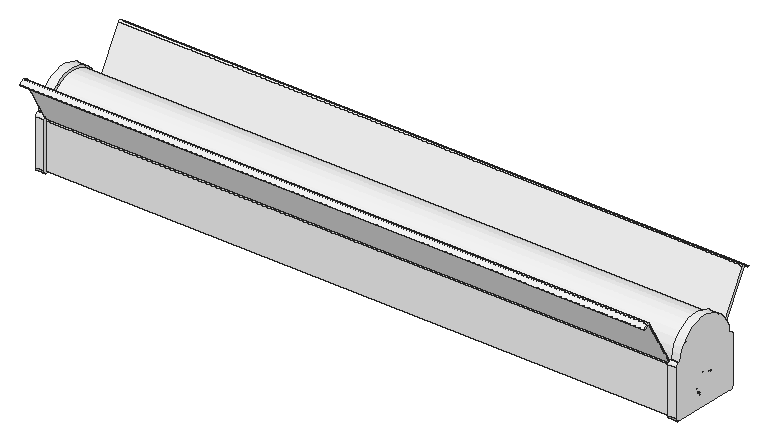
Revit family "0045194+0045231 Feilo Sylvania Lighting Fixture SYLBATTEN LED1 6000K DALI TP5 with SYMMETRIC REFLECTOR ACCESSORY 600MM", category Lighting Fixtures, host Face, Revit 2017
Family settings
  Host = Face
  Round Connector Dimension = Use Diameter
  Part Type = Normal
  OmniClass Number = 23.80.70.00
  OmniClass Title = Lighting
  Cut with Voids When Loaded = No
  Light Source = Yes
  Shared = No
  Room Calculation Point = No
Parameters (values of type "0045194 SYLBATTEN LED1 6000K DALI TP5")
  Width_FEILO = 66 mm
  Weight = "1.5 kg"
  Wattage Comments = "n/a"
  Wattage = 11 W
  WarrantyStartDate [instance] = "n/a"
  WarrantyGuarantorParts = "n/a"
  WarrantyDurationUnit = "n/a"
  WarrantyDurationParts = "n/a"
  WarrantyDescription = "n/a"
  built-in parameter 1150110 = 1 (stored number, unit not read)
  Voltage = 230 V
  URL = "http://www.sylvania-lighting.com"
  TypeName = "SYLBATTEN LED1 6000K DALI TP5"
  Type Image = <None>
  Type Comments = "n/a"
  built-in parameter 1114217 = 1 (stored number, unit not read)
  Tilt Angle = -90.00°
  built-in parameter 1150109 = 1 (stored number, unit not read)
  built-in parameter 1150134 = 5
  SymReflector_FEILO = yes
  built-in parameter 1150113 = 1 (stored number, unit not read)
  SerialNumber [instance] = "n/a"
  PowerFactor = 0
  PowerConsumption = "11 W"
  Photometric Web File = "0045194+0045231.ies"
  NominalLength = 605 mm
  NominalHeight = 76 mm
  NominalDepth = 66 mm
  Name = "SYLBATTEN LED1 6000K DALI TP5"
  ModelReference = Name  # "SYLBATTEN LED1 6000K DALI TP5"
  ModelNumber = "0045194"
  Model = Name  # "SYLBATTEN LED1 6000K DALI TP5"
  Material_4_FEILO = Reflector-Sylvania-Sylbatten-White
  Material_3_FEILO = Diffuser-Sylvania-Sylbatten-Glow
  Material_2_FEILO = Body-Sylvania-Sylbatten-White
  Material_1_FEILO = Body-Sylvania-Sylbatten-White
  Material = "sheet steel housing, polycarbonate diffuser"
  ManufacturerName = "Feilo Sylvania"
  Manufacturer = "Feilo Sylvania"
  LuminousEfficacy = "110 lm/W"
  built-in parameter 1150105 = 96.289 (stored number, unit not read)
  Lumens = 1210 lm
  LuminaireType = ""
  built-in parameter 1150115 = 1 (stored number, unit not read)
  LightOutputRatio = "100"
  built-in parameter 1150137 = (empty or 0)
  built-in parameter 1150139 = (empty or 0)
  Length_FEILO = 605 mm
  LampsType = Lamp  # "LED"
  LampNominalLuminous = "1210 lm"
  LampMacAdamStep = "n/a"
  LampColourTemperature = "6000 K"
  LampColourRenderingIndex = "80"
  built-in parameter 1150112 = 1 (stored number, unit not read)
  built-in parameter 1150114 = 1 (stored number, unit not read)
  Lamp = "LED"
  Keynote = "16500"
  InstallationDate [instance] = "n/a"
  InputVoltage = "220-240V~"
  InputNominalFrequency = "n/a"
  built-in parameter 1150132 = (empty or 0)
  built-in parameter 1150102 = (empty or 0)
  built-in parameter 1150107 = 6000 (stored number, unit not read)
  built-in parameter 1150138 = (empty or 0)
  IngressProtection = "IP20"
  ImpactProtectionIndex = "IK07"
  built-in parameter 1150106 = 0.96289 (stored number, unit not read)
  IfcExportType = "IfcLightFixtureType"
  IfcExportAs = "IfcLightFixtureType"
  Height_FEILO = 76 mm
  ExpectedLife = 50000
  Emit from Rectangle Width = Length_FEILO - 16 mm  # 589 mm
  Emit from Rectangle Length = Width_FEILO - 40 mm  # 26 mm
  Emit Shape Visible in Rendering = no
  ElectricShockClassification = "Class I"
  built-in parameter 1150104 = 10.219 (stored number, unit not read)
  DurationUnit = "hours"
  DocumentationLiterature = "http://www.sylvania-lighting.com/product/en-int/products/0045194"
  DimmingControlOptions = "Dimmable"
  Dimming Lamp Color Temperature Shift = <None>
  Description = "LED batten, T8 replacement, ease of installation through 2 part push-in design of the housing (safety cable included), through wiring capability (TP5 = 5 core), sheet steel, 1210LM, 11W, 110lm/W, 6000K, drive current: 350mA, CRI 80, 138° wide beam angle, DALI dimmable, IP20, IK07, 50,000 hrs (L70), (LxWxH) 605x66x76mm, 5 step MacAdam ellipse, 1.8kg, white RAL 9016, Class 1, 220-240V, energy class: A++, A+, A."
  Default Elevation = 1219.2 mm
  CreatedOn = "2/22/2018"
  CreatedBy = ""
  Cost = 0
  Color Filter = 16777215
  built-in parameter 1114216 [instance] = (empty or 0)
  ClassificationValue = "EF_70_80"
  ClassificationName = "Uniclass2015"
  CapOffset_FEILO = 2 mm
  BarCode [instance] = "n/a"
  built-in parameter 1114218 = 1 (stored number, unit not read)
  BackReflector_FEILO = and(not(AsymReflector_FEILO), SymReflector_FEILO)  # yes
  built-in parameter 1150133 = 10 (stored number, unit not read)
  FrontReflector_FEILO = or(AsymReflector_FEILO, SymReflector_FEILO)  # yes
  AsymReflector_FEILO = no
  AssetType = "Fixed"
  AssetIdentifier [instance] = "n/a"
  Assembly Code = "D5020200"
  Apparent Load = 11 VA
Reference planes
  plane 1 "Center (Front/Back)": y = 0
  plane 2: z = 0
  plane 3 "Center (Left/Right)": x = 0
  plane 4: x = 302.5
  plane 5: x = -302.5
  plane 6: y = 33
  plane 7: y = -33
  plane 8: z = 76
  plane 9: z = 47
  plane 10: y = -29
  plane 11: y = 29
  plane 12: z = 20
  plane 13: z = 74
  plane 14: y = -31
  plane 15: y = -27
  plane 16: y = 27
  plane 17: y = 31
  plane 18: z = 2
  plane 19: x = -294.5
  plane 20: x = 294.5
  plane 21: z = 49
  plane 22: y = 1
  plane 23: y = -1
  plane 24: z = 21
  plane 25: z = 19
  plane 26: y = -61
  plane 27: y = 61
  plane 28: y = -56
  plane 29: y = 56
  plane 30: z = 91
  plane 31: z = 88
Forms (mm)
  Extrusion 1, solid, material "Body-Sylvania-Sylbatten-White" <- "Material_2_FEILO"
    sketch origin (0, 0, 0) x (0, 1, 0) y (0, 0, 1)
      loop
        line (-31, 2) -> (31, 2) -> (31, 45)
        arc (31, 45) -> (30.414, 46.414) -> (29, 47) r 2
        line (29, 47) -> (27, 47)
        arc (27, 47) -> (0, 74) -> (-27, 47) r 27
        line (-27, 47) -> (-29, 47)
        arc (-29, 47) -> (-30.414, 46.414) -> (-31, 45) r 2
        line (-31, 45) -> (-31, 2)
    from -294.5 to 294.5
  Extrusion 2, solid, material "Body-Sylvania-Sylbatten-White" <- "Material_2_FEILO"
    sketch origin (302.5, 1524, 1219.2) x (0, 1, 0) y (0, 0, 1)
      loop
        arc (-1494, -1219.2) -> (-1491.879, -1218.321) -> (-1491, -1216.2) r 3
        line (-1491, -1216.2) -> (-1491, -1173.2)
        arc (-1491, -1173.2) -> (-1491.879, -1171.079) -> (-1494, -1170.2) r 3
        line (-1494, -1170.2) -> (-1495.069, -1170.2)
        arc (-1495.069, -1170.2) -> (-1524, -1143.2) -> (-1552.931, -1170.2) r 29
        line (-1552.931, -1170.2) -> (-1554, -1170.2)
        arc (-1554, -1170.2) -> (-1556.121, -1171.079) -> (-1557, -1173.2) r 3
        line (-1557, -1173.2) -> (-1557, -1216.2)
        arc (-1557, -1216.2) -> (-1556.121, -1218.321) -> (-1554, -1219.2) r 3
        line (-1554, -1219.2) -> (-1494, -1219.2)
      loop
        arc (-1525, -1189.25) -> (-1531.071, -1192.129) -> (-1533.95, -1198.2) r 10
        line (-1533.95, -1198.2) -> (-1532.944, -1198.2)
        arc (-1532.944, -1198.2) -> (-1530.364, -1192.836) -> (-1525, -1190.256) r 9
        line (-1525, -1190.256) -> (-1525, -1189.25)
      loop
        arc (-1523, -1190.256) -> (-1517.636, -1192.836) -> (-1515.056, -1198.2) r 9
        line (-1515.056, -1198.2) -> (-1514.05, -1198.2)
        arc (-1514.05, -1198.2) -> (-1516.929, -1192.129) -> (-1523, -1189.25) r 10
        line (-1523, -1189.25) -> (-1523, -1190.256)
      loop
        line (-1532.944, -1200.2) -> (-1533.95, -1200.2)
        arc (-1533.95, -1200.2) -> (-1531.071, -1206.271) -> (-1525, -1209.15) r 10
        line (-1525, -1209.15) -> (-1525, -1208.144)
        arc (-1525, -1208.144) -> (-1530.364, -1205.564) -> (-1532.944, -1200.2) r 9
      loop
        arc (-1515.056, -1200.2) -> (-1517.636, -1205.564) -> (-1523, -1208.144) r 9
        line (-1523, -1208.144) -> (-1523, -1209.15)
        arc (-1523, -1209.15) -> (-1516.929, -1206.271) -> (-1514.05, -1200.2) r 10
        line (-1514.05, -1200.2) -> (-1515.056, -1200.2)
    from 0 to -8
  Extrusion 3, solid, material "Body-Sylvania-Sylbatten-White" <- "Material_2_FEILO"
    sketch origin (-302.5, 1524, 1219.2) x (0, 1, 0) y (0, 0, 1)
      loop
        arc (-1495.069, -1170.2) -> (-1524, -1143.2) -> (-1552.931, -1170.2) r 29
        line (-1552.931, -1170.2) -> (-1554, -1170.2)
        arc (-1554, -1170.2) -> (-1556.121, -1171.079) -> (-1557, -1173.2) r 3
        line (-1557, -1173.2) -> (-1557, -1216.2)
        arc (-1557, -1216.2) -> (-1556.121, -1218.321) -> (-1554, -1219.2) r 3
        line (-1554, -1219.2) -> (-1494, -1219.2)
        arc (-1494, -1219.2) -> (-1491.879, -1218.321) -> (-1491, -1216.2) r 3
        line (-1491, -1216.2) -> (-1491, -1173.2)
        arc (-1491, -1173.2) -> (-1491.879, -1171.079) -> (-1494, -1170.2) r 3
        line (-1494, -1170.2) -> (-1495.069, -1170.2)
      loop
        line (-1533.95, -1198.2) -> (-1532.944, -1198.2)
        arc (-1532.944, -1198.2) -> (-1530.364, -1192.836) -> (-1525, -1190.256) r 9
        line (-1525, -1190.256) -> (-1525, -1189.25)
        arc (-1525, -1189.25) -> (-1531.071, -1192.129) -> (-1533.95, -1198.2) r 10
      loop
        line (-1523, -1189.25) -> (-1523, -1190.256)
        arc (-1523, -1190.256) -> (-1517.636, -1192.836) -> (-1515.056, -1198.2) r 9
        line (-1515.056, -1198.2) -> (-1514.05, -1198.2)
        arc (-1514.05, -1198.2) -> (-1516.929, -1192.129) -> (-1523, -1189.25) r 10
      loop
        line (-1514.05, -1200.2) -> (-1515.056, -1200.2)
        arc (-1515.056, -1200.2) -> (-1517.636, -1205.564) -> (-1523, -1208.144) r 9
        line (-1523, -1208.144) -> (-1523, -1209.15)
        arc (-1523, -1209.15) -> (-1516.929, -1206.271) -> (-1514.05, -1200.2) r 10
      loop
        line (-1525, -1209.15) -> (-1525, -1208.144)
        arc (-1525, -1208.144) -> (-1530.364, -1205.564) -> (-1532.944, -1200.2) r 9
        line (-1532.944, -1200.2) -> (-1533.95, -1200.2)
        arc (-1533.95, -1200.2) -> (-1531.071, -1206.271) -> (-1525, -1209.15) r 10
    from 0 to 8
  Extrusion 4, solid, material "Reflector-Sylvania-Sylbatten-White" <- "Material_4_FEILO", visible <- "FrontReflector_FEILO"
    sketch origin (0, 0, 0) x (0, 1, 0) y (0, 0, 1)
      loop
        line (-61.257, 88.429) -> (-60.743, 87.571) -> (-56.621, 90.044)
        arc (-56.621, 90.044) -> (-56.237, 90.099) -> (-55.929, 89.863) r 0.5
        line (-55.929, 89.863) -> (-31.435, 46.753) -> (-30.565, 47.247) -> (-55.312, 90.802)
        arc (-55.312, 90.802) -> (-55.928, 91.275) -> (-56.696, 91.165) r 1
        line (-56.696, 91.165) -> (-61.257, 88.429)
    from -294.5 to 294.5
  Extrusion 5, solid, material "Reflector-Sylvania-Sylbatten-White" <- "Material_4_FEILO", visible <- "BackReflector_FEILO"
    sketch origin (0, 0, 0) x (0, 1, 0) y (0, 0, 1)
      loop
        line (30.565, 47.247) -> (31.435, 46.753) -> (55.932, 89.868)
        arc (55.932, 89.868) -> (56.245, 90.112) -> (56.638, 90.062) r 0.518
        line (56.638, 90.062) -> (61.033, 87.565) -> (61.527, 88.435) -> (56.682, 91.188)
        arc (56.682, 91.188) -> (55.922, 91.282) -> (55.318, 90.812) r 1
        line (55.318, 90.812) -> (30.565, 47.247)
    from -294.5 to 294.5
Lines and regions (mm)
  reference lines
    curve 1: line (0, -61, 88) -> (0, -56, 91)
    curve 2: line (0, -56, 91) -> (0, -31, 47)
    curve 3: line (0, 31, 47) -> (0, 56, 91)
    curve 4: line (0, 56, 91) -> (0, 61.28, 88)
Dimensions and locks
  equal spacing: plane 5, plane 3 "Center (Left/Right)", plane 4
  equal spacing: plane 7, plane 1 "Center (Front/Back)", plane 6
  "Width_FEILO": plane 7 to plane 6
  "Length_FEILO": plane 5 to plane 4
  "Height_FEILO": plane 8 to plane 2
  locked: plane 9 to plane 8 at 29
  equal spacing: plane 10, plane 1 "Center (Front/Back)", plane 11
  locked: plane 7 to plane 10 at 4
  locked: plane 12 to plane 2 at 20
  "CapOffset_FEILO": plane 13 to plane 8
  "CapOffset_FEILO": plane 7 to plane 14
  "CapOffset_FEILO": plane 10 to plane 15
  "CapOffset_FEILO": plane 17 to plane 6
  "CapOffset_FEILO": plane 16 to plane 11
  "CapOffset_FEILO": plane 18 to plane 2
  locked: plane 14 to Extrusion 1 sketch curve at 2
  locked: Extrusion 1 sketch curve to plane 9 at 2  (x2)
  locked: plane 16 to Extrusion 1 sketch curve at 2
  equal spacing: plane 19, plane 3 "Center (Left/Right)", plane 20
  locked: plane 5 to plane 19 at 8
  "CapOffset_FEILO": plane 9 to plane 21
  locked: Extrusion 2 sketch curve to plane 2 at 47
  locked: Extrusion 1 sketch curve to plane 2 at 47
  locked: Extrusion 2 sketch curve to plane 2 at 3  (x2)
  locked: plane 7 to Extrusion 2 sketch curve at 3  (x2)
  locked: Extrusion 2 sketch curve to plane 6 at 3  (x2)
  locked: Extrusion 2 sketch curve to plane 21 at 3  (x2)
  equal spacing: plane 23, plane 1 "Center (Front/Back)", plane 22
  equal spacing: plane 25, plane 12, plane 24
  plane 30 to plane 31 to plane 2 = 3 mm locked, 88 mm locked
  plane 28 to plane 29 = 112 mm
  plane 26 to plane 27 = 122 mm
  aligned and locked: plane 2 to host face
  aligned and locked: level to host face
  aligned and locked: plane 18 to Extrusion 1 sketch curve
  aligned and locked: plane 14 to Extrusion 1 sketch curve
  aligned and locked: Extrusion 1 sketch curve to plane 9  (x2)
  aligned and locked: Extrusion 1 sketch curve to plane 17
  aligned and locked: plane 15 to Extrusion 1 sketch curve
  aligned and locked: plane 16 to Extrusion 1 sketch curve
  aligned and locked: plane 9 to Extrusion 1 sketch curve
  aligned and locked: plane 20 to Extrusion 1
  aligned and locked: level to Extrusion 2 sketch curve
  aligned and locked: Extrusion 2 sketch curve to plane 7
  aligned and locked: plane 21 to Extrusion 2 sketch curve
  aligned and locked: Extrusion 2 sketch curve to plane 21
  aligned and locked: plane 1 "Center (Front/Back)" to Extrusion 2 sketch curve  (x3)
  aligned and locked: Extrusion 2 to Extrusion 1
  aligned and locked: plane 4 to Extrusion 2
  aligned and locked: plane 12 to Extrusion 2 sketch curve  (x2)
  aligned and locked: Extrusion 2 sketch curve to plane 22
  aligned and locked: Extrusion 2 sketch curve to plane 23
  aligned and locked: Extrusion 2 sketch curve to plane 24
  aligned and locked: Extrusion 2 sketch curve to plane 25
  aligned and locked: plane 25 to Extrusion 2 sketch curve
  aligned and locked: plane 22 to Extrusion 2 sketch curve
  aligned and locked: plane 24 to Extrusion 2 sketch curve
  aligned and locked: plane 23 to Extrusion 2 sketch curve  (x2)
  aligned and locked: Extrusion 3 sketch curve to Extrusion 2  (x22)
  aligned and locked: Extrusion 3 to Extrusion 1
  aligned and locked: Extrusion 3 to plane 5
  aligned and locked: plane 19 to Extrusion 3
  aligned and locked: plane 31 to curve 1
  aligned and locked: plane 30 to curve 1
  aligned and locked: plane 14 to curve 2
  aligned and locked: plane 9 to curve 2
  aligned and locked: plane 17 to curve 3
  aligned and locked: plane 30 to curve 3
  aligned and locked: plane 31 to curve 4
  aligned and locked: Extrusion 4 sketch curve to curve 2
  aligned and locked: Extrusion 4 sketch curve to curve 1
  aligned and locked: Extrusion 4 to Extrusion 1
  aligned and locked: Extrusion 1 to Extrusion 4
  aligned and locked: imposter light to plane 1 "Center (Front/Back)"
  aligned and locked: imposter light to plane 3 "Center (Left/Right)"
  aligned and locked: imposter light to plane 13
  aligned and locked: Extrusion 5 sketch curve to curve 4
  aligned and locked: Extrusion 5 sketch curve to curve 3
  aligned and locked: Extrusion 1 to Extrusion 5
  aligned and locked: Extrusion 5 to Extrusion 1
Automatic sketch dimensions
  host sketch curve to host sketch curve = 2438.4 mm  (x2)
  Extrusion 2 sketch curve to Extrusion 2 sketch curve = 0 mm  (x14)
  Extrusion 2 sketch curve to plane 10 = 0.069 mm
  plane 23 to Extrusion 2 sketch curve = 8.95 mm
  Extrusion 2 sketch curve to Extrusion 2 sketch curve = 1.006 mm  (x4)
  Extrusion 2 sketch curve to plane 22 = 7.944 mm
  curve 1 to plane 26 = 0 mm
  curve 2 to plane 28 = 0 mm
  curve 4 to plane 29 = 0 mm
  plane 9 to curve 3 = 0 mm
  plane 26 to Extrusion 4 sketch curve = 0.257 mm
  Extrusion 4 sketch curve to plane 26 = 0.257 mm
  Extrusion 4 sketch curve to plane 30 = 0.165 mm
  plane 28 to Extrusion 4 sketch curve = 0.696 mm
  plane 28 to Extrusion 4 sketch curve = 0.621 mm
  plane 28 to Extrusion 4 sketch curve = 0.364 mm
  plane 28 to Extrusion 4 sketch curve = 0.182 mm
  Extrusion 4 sketch curve to plane 28 = 0.071 mm
  plane 30 to Extrusion 4 sketch curve = 0.198 mm
  Extrusion 4 sketch curve to plane 28 = 0.688 mm
  plane 9 to Extrusion 4 sketch curve = 0.247 mm
  plane 1 "Center (Front/Back)" to Extrusion 4 sketch curve = 31.435 mm
  Extrusion 5 sketch curve to plane 9 = 0.247 mm
  Extrusion 5 sketch curve to plane 1 "Center (Front/Back)" = 30.565 mm
  plane 9 to Extrusion 5 sketch curve = 0.247 mm
  plane 30 to Extrusion 5 sketch curve = 0.188 mm
  plane 29 to Extrusion 5 sketch curve = 0.068 mm
  Extrusion 5 sketch curve to plane 29 = 0.188 mm
  Extrusion 5 sketch curve to plane 29 = 0.382 mm
  Extrusion 5 sketch curve to Extrusion 5 sketch curve = 0.256 mm
  Extrusion 5 sketch curve to plane 30 = 0.188 mm
  Extrusion 5 sketch curve to plane 29 = 0.682 mm
  Extrusion 5 sketch curve to plane 27 = 0.033 mm
  Extrusion 5 sketch curve to plane 27 = 0.527 mm
Connectors
  electrical at (0, 0, 0), driven by "Apparent Load", driven by "PowerFactor", driven by "Voltage"
    settings: index 1, voltage 230 V, apparent load 11 VA, apparent load phase1 0 VA, apparent load phase2 0 VA, apparent load phase3 0 VA, power factor 0, load classification "Lighting", number of poles 1, system type 30, power factor state 1, is connector primary yes, connector utility no, sub classification motor no, connector description ""
